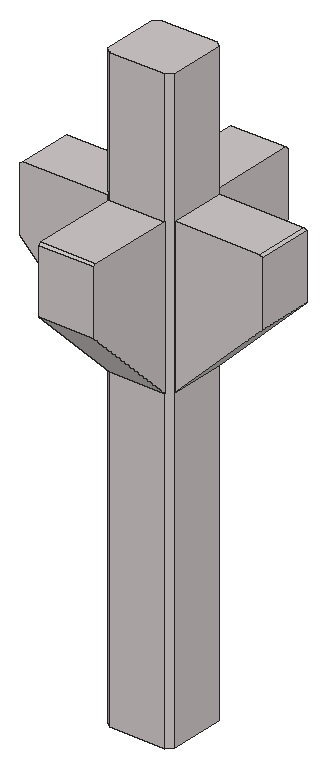
Revit family "프리캐스트 - 코벨이 있는 직사각형 기둥", category 구조 기둥, Revit 2026
Family settings
  숨겨진 뷰로 표시 = 다른 부재에 가려진 모서리
  단면 모양 = 정의되지 않음
  모델 동작 재료 = 프리캐스트 콘크리트
  항상 형상으로 내보내기 = 아니오
  평면의 보 전환 = 경계 상자에서
  로드될 때 보이드를 사용하여 절단 = 아니오
  기호 표현 = 패밀리에서
  공유 = 아니오
  평면도에서 미리 절단된 패밀리 표시 = 아니오
Parameters (values of type "300 x 300")
  Structural Material [instance] = 콘크리트 - 프리캐스트 콘크리트 - 35MPa
  경사 코벨 앞면 [instance] = 코벨 높이 - 코벨 깊이  # 300 mm
  코벨 폭 남-북 [instance] = b - 2 * 모따기  # 250 mm
  코벨 폭 동-서 [instance] = h - 2 * 모따기  # 250 mm
  코벨 서쪽 = yes
  코벨 유형 = M_경사 코벨 : M_경사 코벨
  코벨 남쪽 = yes
  코벨 북쪽 = yes
  코벨 높이 [instance] = 700 mm
  코벨 동쪽 = yes
  코벨 거리 [instance] = 600 mm
  코벨 깊이 [instance] = 400 mm
  코벨 모따기 [instance] = 10 mm
  조합 코드 = "B10"
  모따기 = 25 mm
  b = 300 mm
  h = 300 mm
Types (7, lengths in mm): name | 경사 코벨 앞면 | 코벨 폭 남-북 | 코벨 폭 동-서 | 코벨 유형 | 코벨 남쪽 | 코벨 북쪽 | 코벨 높이 | 코벨 동쪽 | 코벨 거리 | 코벨 깊이 | 모따기 | b | h
  (no name) | 300 | 250 | 250 | M_경사 코벨 : M_경사 코벨 | yes | yes | 700 | yes | 600 | 400 | 25 | 300 | 300
  300 x 300 | 300 | 250 | 250 | M_경사 코벨 : M_경사 코벨 | yes | yes | 700 | yes | 600 | 400 | 25 | 300 | 300
  450 x 450 | 260 | 400 | 400 | M_경사 코벨 : M_경사 코벨 | yes | yes | 660 | yes | 460 | 400 | 25 | 450 | 450
  600 x 600 | 310 | 520 | 520 | M_직사각형 코벨 : M_직사각형 코벨 | yes | yes | 720 | yes | 600 | 410 | 40 | 600 | 600
  300 x 300 - 1 코벨 | 300 | 250 | 250 | M_직사각형 코벨 : M_직사각형 코벨 | no | no | 700 | no | 600 | 400 | 25 | 300 | 300
  450 x 450 - 2 코벨 | 260 | 400 | 400 | M_직사각형 코벨 : M_직사각형 코벨 | yes | no | 660 | no | 900 | 400 | 25 | 450 | 450
  600 x 600 - 3 코벨 | 310 | 520 | 520 | M_경사 코벨 : M_경사 코벨 | yes | yes | 720 | no | 500 | 410 | 40 | 600 | 600
Reference planes
  plane 1 "중심(앞/뒤)": y = 0
  plane 2: z = 0
  plane 3 "중심(왼쪽/오른쪽)": x = 0
  plane 4: x = -150
  plane 5: x = 150
  plane 6: y = 150
  plane 7: y = -150
  plane 8: x = -125
  plane 9: y = -125
  plane 10: x = 125
  plane 11: y = 125
  plane 12 "채우기 참조": z = 2143.2
Forms (mm)
  Extrusion 1, solid, material "콘크리트 - 프리캐스트 콘크리트 - 35MPa" <- "Structural Material"
    sketch origin (0, 0, 0) x (1, 0, 0) y (0, 1, 0)
      loop
        line (-125, 150) -> (-150, 125) -> (-150, -125) -> (-125, -150) -> (125, -150) -> (150, -125) -> (150, 125) -> (125, 150) -> (-125, 150)
    from 0 to 2743.2
Dimensions and locks
  equal spacing: plane 4, plane 3 "중심(왼쪽/오른쪽)", plane 5
  equal spacing: plane 7, plane 1 "중심(앞/뒤)", plane 6
  "h": plane 7 to plane 6
  "b": plane 4 to plane 5
  "모따기": plane 4 to plane 8
  "모따기": plane 10 to plane 5
  "모따기": plane 11 to plane 6
  "모따기": plane 7 to plane 9
  "코벨 거리": level to plane 12 "채우기 참조"
  "코벨 거리": level to nested 1
  "코벨 거리": level to nested 2
  "코벨 거리": nested 3 to level
  "코벨 거리": level to nested 4
  aligned and locked: plane 6 to Extrusion 1 sketch curve
  aligned and locked: Extrusion 1 sketch curve to plane 7
  aligned and locked: Extrusion 1 sketch curve to plane 4
  aligned and locked: plane 5 to Extrusion 1 sketch curve
  aligned and locked: level to Extrusion 1
  aligned and locked: level to plane 2
  aligned and locked: Extrusion 1 to plane 2
  aligned and locked: nested 1 to plane 1 "중심(앞/뒤)"
  aligned and locked: nested 2 to plane 3 "중심(왼쪽/오른쪽)"
  aligned and locked: plane 3 "중심(왼쪽/오른쪽)" to nested 3
  aligned and locked: plane 1 "중심(앞/뒤)" to nested 4
Automatic sketch dimensions
  Extrusion 1 sketch curve to plane 8 = 0 mm  (x2)
  Extrusion 1 sketch curve to plane 10 = 0 mm  (x2)
  Extrusion 1 sketch curve to plane 9 = 0 mm  (x2)
  Extrusion 1 sketch curve to plane 11 = 0 mm  (x2)
Nested families
  nested 1: "M_경사 코벨" at (150, 0, 2143.2) x (0, 1, 0) z (1, 0, 0), 코벨 폭 <- "코벨 폭 동-서", visible <- "코벨 동쪽", type <- "코벨 유형", type "M_경사 코벨"
    with 코벨 폭 250 mm
  nested 2: "M_경사 코벨" at (0, 150, 2143.2) x (-1, 0, 0) z (0, 1, 0), 코벨 폭 <- "코벨 폭 남-북", visible <- "코벨 북쪽", type <- "코벨 유형", type "M_경사 코벨"
    with 코벨 폭 250 mm
  nested 3: "M_경사 코벨" at (0, -150, 2143.2) x (1, 0, 0) z (0, -1, 0), 코벨 폭 <- "코벨 폭 남-북", visible <- "코벨 남쪽", type <- "코벨 유형", type "M_경사 코벨"
    with 코벨 폭 250 mm
  nested 4: "M_경사 코벨" at (-150, 0, 2143.2) x (0, -1, 0) z (-1, 0, 0), 코벨 폭 <- "코벨 폭 동-서", visible <- "코벨 서쪽", type <- "코벨 유형", type "M_경사 코벨"
    with 코벨 폭 250 mm
Definition of nested family "M_경사 코벨"
  Parameters
    재료 = none
    Default Elevation = 0 mm
    코벨 폭 [instance] = 304.8 mm
    코벨 높이 = 700 mm
    코벨 앞면 = 300 mm
    코벨 깊이 = 400 mm
    모따기 = 10 mm
    Assembly Code = ""
  Reference planes
    plane 1 "중심(앞/뒤)": y = 0
    plane 2: z = 0
    plane 3 "중심(왼쪽/오른쪽)": x = 0
    plane 4: y = -700
    plane 5: y = -10
    plane 6: z = 400
    plane 7: z = 390
    plane 8 "왼쪽": x = -152.4
    plane 9 "오른쪽": x = 152.4
    plane 10: y = -300
  Forms (mm)
    Extrusion 1, solid
      sketch origin (0, 0, 0) x (1, 0, 0) y (0, 1, 0)
        loop
          line (-844.162, 1219.2) -> (-844.162, -1219.2) -> (762, -1219.2) -> (762, 1219.2) -> (-844.162, 1219.2)
      from 0 to -304.8
    Sweep 2, solid, material <- "재료"
      path origin (0, 0, 0) x (1, 0, 0) y (0, 1, 0)
        loop
          line (-152.4, 0) -> (152.4, 0)
      profile origin (0, 0, 0) x (0, 1, 0) y (0, 0, 1)
        loop
          line (0, 0) -> (0, 390) -> (-10, 400) -> (-300, 400) -> (-700, 0) -> (0, 0)
  Dimensions and locks
    "코벨 깊이": plane 6 to plane 2
    "모따기": plane 6 to plane 7
    "코벨 높이": plane 4 to plane 1 "중심(앞/뒤)"
    "모따기": plane 5 to plane 1 "중심(앞/뒤)"
    "코벨 폭": plane 8 "왼쪽" to plane 9 "오른쪽"
    equal spacing: plane 8 "왼쪽", plane 3 "중심(왼쪽/오른쪽)", plane 9 "오른쪽"
    "코벨 앞면": plane 10 to plane 1 "중심(앞/뒤)"
    aligned and locked: plane 2 to Extrusion 1
    aligned and locked: level to Extrusion 1
    aligned and locked: plane 1 "중심(앞/뒤)" to Sweep 2 sketch curve  (x2)
    aligned and locked: plane 2 to Sweep 2 sketch curve
    aligned and locked: plane 7 to Sweep 2 sketch curve
    aligned and locked: plane 8 "왼쪽" to Sweep 2 sketch curve
    aligned and locked: plane 9 "오른쪽" to Sweep 2 sketch curve
    aligned and locked: plane 4 to Sweep 2 sketch curve
    aligned and locked: Sweep 2 sketch curve to plane 6
    aligned and locked: plane 5 to Sweep 2 sketch curve
    aligned and locked: plane 10 to Sweep 2 sketch curve
  Automatic sketch dimensions
    Extrusion 1 sketch curve to Extrusion 1 sketch curve = 1606.162 mm
    Extrusion 1 sketch curve to Extrusion 1 sketch curve = 2438.4 mm
